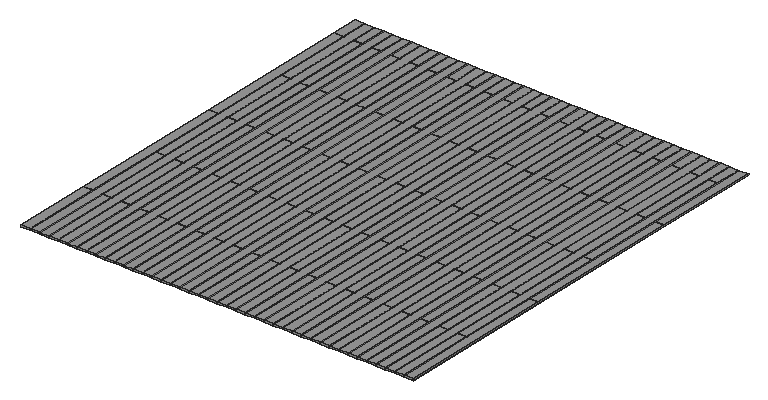
Revit family "3715-3, Veneer", category Generic Models, host Ceiling, Revit 2020
Family settings
  Host = Ceiling
  Can host rebar = No
  Round Connector Dimension = Use Diameter
  Part Type = Normal
  Always vertical = Yes
  Cut with Voids When Loaded = No
  Shared = No
  Room Calculation Point = No
Parameters
  OC SPACING [instance] = .. MEMBER WIDTH - 0' 0 27/64" - 0' 0 3/256"  # 0' - 4 75/256"
  PROJECT WIDTH [instance] = 15' - 0"
  PROJECT LENGTH [instance] = 16' - 0"
  PANELS COUNT 2 [instance] = rounddown((PROJECT LENGTH - .. MEMBER LENGTH 3) / .. MEMBER LENGTH 2)  # 2
  PANELS COUNT [instance] = rounddown(PROJECT LENGTH / .. MEMBER LENGTH 2)  # 2
  MEMBER WIDTH COUNT 2 [instance] = (PROJECT WIDTH / OC SPACING) / 2  # 21
  .. MEMBER WIDTH COUNT [instance] = (PROJECT WIDTH / OC SPACING) / 2  # 21
  .. MEMBER MATERIAL [instance] = Veneer Cherry
  .. MEMBER LENGTH 4 [instance] = ((PROJECT LENGTH - .. MEMBER LENGTH 3) - (PANELS COUNT 2 * .. MEMBER LENGTH 2))  # 1' - 0"
  .. MEMBER LENGTH 3 [instance] = .. MEMBER LENGTH 2 / 2  # 3' - 0"
  Default Elevation = 0' - 0"
  .. MEMBER WIDTH [instance] = 0' - 4 93/128"  # constant formula
  .. MEMBER LENGTH 2 [instance] = 6' - 0"
  .. MEMBER LENGTH [instance] = PROJECT LENGTH - (PANELS COUNT * .. MEMBER LENGTH 2)  # 4' - 0"
  .. MEMBER DEPTH [instance] = 0' - 0 3/4"  # constant formula
Reference planes (in)
  plane 1 "Center (Front/Back)": y = 0
  plane 2 "Ceiling": z = 96
  plane 3 "Center (Left/Right)": x = 0
  plane 4: y = 72
  plane 5: y = 144
  plane 6: y = 108
  plane 7: y = 36
  plane 8: y = 192
  plane 9: y = 144
  plane 10: y = 180
  plane 11: x = 180
  plane 12: x = 4.29297
Dimensions and locks (in)
  equal spacing: host sketch curve, plane 3 "Center (Left/Right)", host sketch curve
  equal spacing: host sketch curve, plane 1 "Center (Front/Back)", host sketch curve
  host sketch curve to host sketch curve = 10' - 0"  (x2)
  group 1 to group 2 = 0' - 0"  (x2)
  group 1 to group 2 = 6' - 0"
  ".. MEMBER LENGTH 2": plane 5 to plane 4
  ".. MEMBER LENGTH 2": plane 6 to plane 7
  "PROJECT LENGTH": plane 1 "Center (Front/Back)" to plane 8
  group 3 to group 4 = 0' - 0"  (x2)
  group 3 to group 4 = 6' - 0"
  ".. MEMBER LENGTH 3": plane 1 "Center (Front/Back)" to plane 7
  ".. MEMBER LENGTH 2": plane 1 "Center (Front/Back)" to plane 4
  ".. MEMBER LENGTH": plane 8 to plane 9
  ".. MEMBER LENGTH 4": plane 8 to plane 10
  "PROJECT WIDTH": plane 3 "Center (Left/Right)" to plane 11
  "OC SPACING": plane 3 "Center (Left/Right)" to plane 12
  aligned and locked: plane 1 "Center (Front/Back)" to nested 1
  aligned and locked: nested 2 to plane 4
  aligned and locked: nested 4 to plane 4
  aligned and locked: plane 7 to nested 3
  aligned and locked: nested 3 to plane 6
  aligned and locked: nested 6 to plane 6
  aligned and locked: nested 5 to plane 9
  aligned and locked: nested 7 to plane 10
  aligned and locked: plane 12 to nested 2
  aligned and locked: plane 12 to nested 4
  aligned and locked: plane 12 to nested 5
Nested families (in)
  nested 1: "3715-3 Staggereed" at (0, 0, 85.44644), .. MEMBER DEPTH <- ".. MEMBER DEPTH", .. MEMBER WIDTH <- ".. MEMBER WIDTH", MEMBER LENGTH <- ".. MEMBER LENGTH 3", REVEAL <- "OC SPACING", MEMBER 1 COUNT <- ".. MEMBER WIDTH COUNT", .. MEMBER MATERIAL <- ".. MEMBER MATERIAL", type "3715-3 Staggereed"
    with REVEAL X2 0' - 8 75/128", REVEAL 0' - 4 75/256", MEMBER LENGTH 2 1' - 6", MEMBER LENGTH 3' - 0", MEMBER COUNT 2 5, MEMBER 1 COUNT 21, INDENT 0' - 0 5/8", .. MEMBER WIDTH 0' - 4 93/128", .. MEMBER MATERIAL Veneer Cherry, .. MEMBER DEPTH 0' - 0 3/4"
  nested 2: "3715-3 Staggereed" at (4.29297, 0, 85.44644), .. MEMBER DEPTH <- ".. MEMBER DEPTH", .. MEMBER WIDTH <- ".. MEMBER WIDTH", MEMBER LENGTH <- ".. MEMBER LENGTH 2", MEMBER 1 COUNT <- "MEMBER WIDTH COUNT 2", REVEAL <- "OC SPACING", .. MEMBER MATERIAL <- ".. MEMBER MATERIAL", type "3715-3 Staggereed"
    with REVEAL X2 0' - 8 75/128", REVEAL 0' - 4 75/256", MEMBER LENGTH 2 3' - 0", MEMBER LENGTH 6' - 0", MEMBER COUNT 2 5, MEMBER 1 COUNT 21, INDENT 0' - 0 5/8", .. MEMBER WIDTH 0' - 4 93/128", .. MEMBER MATERIAL Veneer Cherry, .. MEMBER DEPTH 0' - 0 3/4"
  nested 3: "3715-3 Staggereed" at (0, 36, 85.44644), .. MEMBER DEPTH <- ".. MEMBER DEPTH", .. MEMBER WIDTH <- ".. MEMBER WIDTH", MEMBER LENGTH <- ".. MEMBER LENGTH 2", MEMBER 1 COUNT <- ".. MEMBER WIDTH COUNT", REVEAL <- "OC SPACING", .. MEMBER MATERIAL <- ".. MEMBER MATERIAL", type "3715-3 Staggereed"
    with REVEAL X2 0' - 8 75/128", REVEAL 0' - 4 75/256", MEMBER LENGTH 2 3' - 0", MEMBER LENGTH 6' - 0", MEMBER COUNT 2 5, MEMBER 1 COUNT 21, INDENT 0' - 0 5/8", .. MEMBER WIDTH 0' - 4 93/128", .. MEMBER MATERIAL Veneer Cherry, .. MEMBER DEPTH 0' - 0 3/4"
  nested 4: "3715-3 Staggereed" at (4.29297, 72, 85.44644), .. MEMBER DEPTH <- ".. MEMBER DEPTH", .. MEMBER WIDTH <- ".. MEMBER WIDTH", MEMBER LENGTH <- ".. MEMBER LENGTH 2", MEMBER 1 COUNT <- "MEMBER WIDTH COUNT 2", REVEAL <- "OC SPACING", .. MEMBER MATERIAL <- ".. MEMBER MATERIAL", type "3715-3 Staggereed"
    with REVEAL X2 0' - 8 75/128", REVEAL 0' - 4 75/256", MEMBER LENGTH 2 3' - 0", MEMBER LENGTH 6' - 0", MEMBER COUNT 2 5, MEMBER 1 COUNT 21, INDENT 0' - 0 5/8", .. MEMBER WIDTH 0' - 4 93/128", .. MEMBER MATERIAL Veneer Cherry, .. MEMBER DEPTH 0' - 0 3/4"
  nested 5: "3715-3 Staggereed" at (4.29297, 144, 85.44644), .. MEMBER DEPTH <- ".. MEMBER DEPTH", .. MEMBER WIDTH <- ".. MEMBER WIDTH", MEMBER LENGTH <- ".. MEMBER LENGTH", REVEAL <- "OC SPACING", MEMBER 1 COUNT <- "MEMBER WIDTH COUNT 2", .. MEMBER MATERIAL <- ".. MEMBER MATERIAL", type "3715-3 Staggereed"
    with REVEAL X2 0' - 8 75/128", REVEAL 0' - 4 75/256", MEMBER LENGTH 2 2' - 0", MEMBER LENGTH 4' - 0", MEMBER COUNT 2 5, MEMBER 1 COUNT 21, INDENT 0' - 0 5/8", .. MEMBER WIDTH 0' - 4 93/128", .. MEMBER MATERIAL Veneer Cherry, .. MEMBER DEPTH 0' - 0 3/4"
  nested 6: "3715-3 Staggereed" at (0, 108, 85.44644), .. MEMBER DEPTH <- ".. MEMBER DEPTH", .. MEMBER WIDTH <- ".. MEMBER WIDTH", MEMBER LENGTH <- ".. MEMBER LENGTH 2", MEMBER 1 COUNT <- ".. MEMBER WIDTH COUNT", REVEAL <- "OC SPACING", .. MEMBER MATERIAL <- ".. MEMBER MATERIAL", type "3715-3 Staggereed"
    with REVEAL X2 0' - 8 75/128", REVEAL 0' - 4 75/256", MEMBER LENGTH 2 3' - 0", MEMBER LENGTH 6' - 0", MEMBER COUNT 2 5, MEMBER 1 COUNT 21, INDENT 0' - 0 5/8", .. MEMBER WIDTH 0' - 4 93/128", .. MEMBER MATERIAL Veneer Cherry, .. MEMBER DEPTH 0' - 0 3/4"
  nested 7: "3715-3 Staggereed" at (0, 180, 85.44644), .. MEMBER DEPTH <- ".. MEMBER DEPTH", .. MEMBER WIDTH <- ".. MEMBER WIDTH", MEMBER LENGTH <- ".. MEMBER LENGTH 4", REVEAL <- "OC SPACING", MEMBER 1 COUNT <- ".. MEMBER WIDTH COUNT", .. MEMBER MATERIAL <- ".. MEMBER MATERIAL", type "3715-3 Staggereed"
    with REVEAL X2 0' - 8 75/128", REVEAL 0' - 4 75/256", MEMBER LENGTH 2 0' - 6", MEMBER LENGTH 1' - 0", MEMBER COUNT 2 5, MEMBER 1 COUNT 21, INDENT 0' - 0 5/8", .. MEMBER WIDTH 0' - 4 93/128", .. MEMBER MATERIAL Veneer Cherry, .. MEMBER DEPTH 0' - 0 3/4"
Definition of nested family "3715-3 Staggereed"
  Parameters (values of type "3715-3 Staggereed")
    REVEAL X2 [instance] = REVEAL * 2  # 0' - 9 37/64"
    REVEAL [instance] = 0' - 4 101/128"
    MEMBER LENGTH 2 [instance] = MEMBER LENGTH / 2  # 3' - 0"
    MEMBER LENGTH [instance] = 6' - 0"
    MEMBER COUNT 2 [instance] = 5
    MEMBER 1 COUNT [instance] = 5
    INDENT [instance] = 0' - 0 5/8"
    Default Elevation = 0' - 0"
    .. MEMBER WIDTH [instance] = 0' - 4 93/128"
    .. MEMBER MATERIAL [instance] = none
    .. MEMBER DEPTH [instance] = 0' - 0 3/4"
  Reference planes (in)
    plane 1 "Center (Front/Back)": y = 0
    plane 2: z = 0
    plane 3 "Center (Left/Right)": x = 0
    plane 4: x = 9.57813
    plane 5: x = 4.78906
    plane 6: x = 14.36719
  Dimensions and locks (in)
    "REVEAL X2": plane 3 "Center (Left/Right)" to plane 4
    "REVEAL": plane 3 "Center (Left/Right)" to plane 5
    "REVEAL X2": plane 5 to plane 6
    equal spacing: group 1, group 2, group 3, group 4, group 5  (x3)
    nested 1 to plane 5 = 0' - 0 1/16"
    aligned and locked: plane 2 to level
    aligned and locked: plane 1 "Center (Front/Back)" to nested 1
    aligned and locked: plane 3 "Center (Left/Right)" to nested 1
    aligned and locked: plane 4 to nested 2
  Nested families (in)
    nested 1: "3715-3 Isolated Member" at (-0.25432, 0, 0), MEMBER LENGTH <- "MEMBER LENGTH", MEMBER MATERIAL <- ".. MEMBER MATERIAL", MEMBER WIDTH <- ".. MEMBER WIDTH", MEMBER DEPTH <- ".. MEMBER DEPTH", INDENT <- "INDENT", type "3715-3 Isolated Member"
      with MEMBER WIDTH 0' - 4 93/128", MEMBER MATERIAL none, MEMBER LENGTH 6' - 0", MEMBER DEPTH 0' - 0 3/4", INDENT 0' - 0 5/8", EXTRUSION -6' - 0"
    nested 2: "3715-3 Isolated Member" at (9.32381, 0, 0), MEMBER LENGTH <- "MEMBER LENGTH", MEMBER MATERIAL <- ".. MEMBER MATERIAL", MEMBER WIDTH <- ".. MEMBER WIDTH", MEMBER DEPTH <- ".. MEMBER DEPTH", INDENT <- "INDENT", type "3715-3 Isolated Member"
      with MEMBER WIDTH 0' - 4 93/128", MEMBER MATERIAL none, MEMBER LENGTH 6' - 0", MEMBER DEPTH 0' - 0 3/4", INDENT 0' - 0 5/8", EXTRUSION -6' - 0"
    nested 3: "3715-3 Isolated Member" at (18.90193, 0, 0), MEMBER LENGTH <- "MEMBER LENGTH", MEMBER MATERIAL <- ".. MEMBER MATERIAL", MEMBER WIDTH <- ".. MEMBER WIDTH", MEMBER DEPTH <- ".. MEMBER DEPTH", INDENT <- "INDENT", type "3715-3 Isolated Member"
      with MEMBER WIDTH 0' - 4 93/128", MEMBER MATERIAL none, MEMBER LENGTH 6' - 0", MEMBER DEPTH 0' - 0 3/4", INDENT 0' - 0 5/8", EXTRUSION -6' - 0"
    nested 4: "3715-3 Isolated Member" at (28.48006, 0, 0), MEMBER LENGTH <- "MEMBER LENGTH", MEMBER MATERIAL <- ".. MEMBER MATERIAL", MEMBER WIDTH <- ".. MEMBER WIDTH", MEMBER DEPTH <- ".. MEMBER DEPTH", INDENT <- "INDENT", type "3715-3 Isolated Member"
      with MEMBER WIDTH 0' - 4 93/128", MEMBER MATERIAL none, MEMBER LENGTH 6' - 0", MEMBER DEPTH 0' - 0 3/4", INDENT 0' - 0 5/8", EXTRUSION -6' - 0"
    nested 5: "3715-3 Isolated Member" at (38.05818, 0, 0), MEMBER LENGTH <- "MEMBER LENGTH", MEMBER MATERIAL <- ".. MEMBER MATERIAL", MEMBER WIDTH <- ".. MEMBER WIDTH", MEMBER DEPTH <- ".. MEMBER DEPTH", INDENT <- "INDENT", type "3715-3 Isolated Member"
      with MEMBER WIDTH 0' - 4 93/128", MEMBER MATERIAL none, MEMBER LENGTH 6' - 0", MEMBER DEPTH 0' - 0 3/4", INDENT 0' - 0 5/8", EXTRUSION -6' - 0"
  Definition of nested family "3715-3 Isolated Member"
    Parameters (values of type "3715-3 Isolated Member")
      MEMBER WIDTH [instance] = 0' - 4 55/128"
      MEMBER MATERIAL [instance] = none
      MEMBER LENGTH [instance] = 2' - 6"
      MEMBER DEPTH [instance] = 0' - 0 3/4"
      Index 4 = 0' - 0 31/128"
      Index 3 = 0' - 0 13/64"
      Index 2 = 0' - 0.218"
      Index 1 = 0' - 0 1/4"
      INDENT [instance] = 0' - 0 5/8"
      EXTRUSION [instance] = -1 * MEMBER LENGTH  # -2' - 6"
      Default Elevation = 0' - 0"
    Reference planes (in)
      plane 1 "Center (Front/Back)": y = 0
      plane 2: z = 10.55356
      plane 3 "Center (Left/Right)": x = 0
      plane 4: y = 30
      plane 5: z = 10.55356
      plane 6: x = 0.25432
      plane 7: x = 4.68401
      plane 8: z = 9.80356
      plane 9: x = 4.44182
      plane 10: x = 0.50432
      plane 11: x = 0.72232
      plane 12: x = 4.23869
    Forms (in)
      Extrusion 1, void, not visible
        sketch origin (-0.375, 0, 0) x (1, 0, 0) y (0, 0, 1)
          loop
            line (4.125, 11.30356) -> (4.125, 11.17856) -> (4.0625, 11.11606) -> (3.75, 11.11606) -> (3.75, 10.92856) -> (4.25, 10.92856) -> (4.65478, 10.92856) -> (4.65478, 11.30356) -> (4.25, 11.30356) -> (4.125, 11.30356)
        from 0 to 30
      Extrusion 2, void, not visible
        sketch origin (4.5, 0, 0) x (-1, 0, 0) y (0, 0, 1)
          loop
            line (4.5, 11.30356) -> (4.25, 11.30356) -> (4.25, 11.17856) -> (4.1875, 11.11606) -> (3.875, 11.11606) -> (3.875, 10.92856) -> (4.78125, 10.92856) -> (4.78125, 11.30356) -> (4.5, 11.30356)
        from 0 to 30
      Extrusion 3, void, not visible
        sketch origin (0, 0, 0) x (1, 0, 0) y (0, 0, 1)
          loop
            line (2.53125, 10.55356) -> (2, 10.55356) -> (2, 10.42856) -> (1.9375, 10.36606) -> (1.625, 10.36606) -> (1.625, 10.17856) -> (2.53125, 10.17856) -> (2.53125, 10.55356)
        from 0 to 12
      Extrusion 4, solid, material <- "MEMBER MATERIAL"
        sketch origin (-5.34896, 0, 0) x (1, 0, 0) y (0, 0, 1)
          loop
            line (6.07128, 10.55356) -> (6.07128, 10.32556) -> (5.62351, 10.32556)
            arc (5.62351, 10.32556) -> (5.60842, 10.28741) -> (5.60328, 10.24671) r 0.16375
            line (5.60328, 10.24671) -> (5.60328, 10.21053)
            arc (5.60328, 10.21053) -> (5.60842, 10.16983) -> (5.62351, 10.13168) r 0.16375
            line (5.62351, 10.13168) -> (5.85328, 10.13168) -> (5.85328, 9.80356) -> (9.79078, 9.80356) -> (9.79078, 10.13168) -> (9.58765, 10.13168) -> (9.58765, 10.36606) -> (10.03297, 10.36606) -> (10.03297, 10.55356) -> (6.07128, 10.55356)
        from 0 to -30
      Extrusion 5, void, not visible
        sketch origin (0, 0, 0) x (1, 0, 0) y (0, 0, 1)
          loop
            line (8.60291, 10.17856) -> (8.60291, 9.99106) -> (8.54041, 9.92856) -> (9.17917, 9.92856) -> (9.17917, 10.55356) -> (8.56291, 10.55356) -> (8.56291, 10.38856) -> (8.80041, 10.38856)
            arc (8.80041, 10.38856) -> (8.8446, 10.37025) -> (8.86291, 10.32606) r 0.0625
            line (8.86291, 10.32606) -> (8.86291, 10.24106)
            arc (8.86291, 10.24106) -> (8.8446, 10.19686) -> (8.80041, 10.17856) r 0.0625
            line (8.80041, 10.17856) -> (8.60291, 10.17856)
        from 0 to -30
      Extrusion 6, void, not visible
        sketch origin (-0.54718, 0, 0) x (1, 0, 0) y (0, 0, 1)
          loop
            line (8.60291, 10.17856) -> (8.60291, 9.99106) -> (8.60291, 9.52296) -> (9.17917, 9.52296) -> (9.17917, 9.92856) -> (9.17917, 10.55356) -> (8.56291, 10.55356) -> (8.56291, 10.38856) -> (8.80041, 10.38856)
            arc (8.80041, 10.38856) -> (8.8446, 10.37025) -> (8.86291, 10.32606) r 0.0625
            line (8.86291, 10.32606) -> (8.86291, 10.24106)
            arc (8.86291, 10.24106) -> (8.8446, 10.19686) -> (8.80041, 10.17856) r 0.0625
            line (8.80041, 10.17856) -> (8.60291, 10.17856)
        from 0 to -30 <- "EXTRUSION"
      Extrusion 7, void, not visible
        sketch origin (-5.34896, -6, 0) x (1, 0, 0) y (0, 0, 1)
          loop
            line (5.92291, 10.42856) -> (5.60328, 10.42856) -> (5.60328, 10.55356) -> (5.34896, 10.55356) -> (5.34896, 9.92856) -> (5.34896, 9.52296) -> (5.60291, 9.52296) -> (5.60291, 9.99136) -> (5.60291, 10.17856) -> (5.92291, 10.17856) -> (5.92291, 10.42856)
        from 0 to -30 <- "EXTRUSION"
    Lines and regions (in)
      model lines, not visible
        curve 1: line (9.45582, 0, 10.55356) -> (14.70582, 0, 10.55356)
        curve 2: line (14.70582, 0, 10.55356) -> (14.70582, 0, 10.92856)
        curve 3: line (14.70582, 0, 10.92856) -> (14.20582, 0, 10.92856)
        curve 4: line (14.20582, 0, 10.92856) -> (14.20582, 0, 11.11606)
        curve 5: line (14.20582, 0, 11.11606) -> (14.51832, 0, 11.11606)
        curve 6: line (14.58082, 0, 11.30356) -> (14.58082, 0, 11.17856)
        curve 7: line (14.58082, 0, 11.17856) -> (14.51832, 0, 11.11606)
        curve 8: line (14.58082, 0, 11.30356) -> (9.58082, 0, 11.30356)
        curve 9: line (9.45582, 0, 10.55356) -> (9.45582, 0, 10.92856)
        curve 10: line (9.45582, 0, 10.92856) -> (9.95582, 0, 10.92856)
        curve 11: line (9.95582, 0, 10.92856) -> (9.95582, 0, 11.11606)
        curve 12: line (9.95582, 0, 11.11606) -> (9.64332, 0, 11.11606)
        curve 13: line (9.58082, 0, 11.30356) -> (9.58082, 0, 11.17856)
        curve 14: line (9.58082, 0, 11.17856) -> (9.64332, 0, 11.11606)
        curve 15: line (5.25, 0, 10.55356) -> (5.25, 0, 10.92856)
        curve 16: line (5.25, 0, 10.92856) -> (4.75, 0, 10.92856)
        curve 17: line (4.75, 0, 10.92856) -> (4.75, 0, 11.11606)
        curve 18: line (4.75, 0, 11.11606) -> (5.0625, 0, 11.11606)
        curve 19: line (5.125, 0, 11.30356) -> (5.125, 0, 11.17856)
        curve 20: line (5.125, 0, 11.17856) -> (5.0625, 0, 11.11606)
    Dimensions and locks (in)
      "MEMBER LENGTH": plane 1 "Center (Front/Back)" to plane 4
      "MEMBER WIDTH": plane 7 to plane 6
      level to plane 8 = 0' - 0 3/4"
      "Index 2": plane 11 to plane 10
      "Index 1": plane 10 to plane 6
      "Index 4": plane 7 to plane 9
      "Index 3": plane 12 to plane 9
      aligned and locked: level to plane 2
      aligned and locked: plane 4 to Extrusion 4
      aligned and locked: plane 7 to Extrusion 4  (x2)
      aligned and locked: plane 8 to Extrusion 4
      aligned and locked: Extrusion 4 to plane 8
      aligned and locked: Extrusion 4 to plane 5
      aligned and locked: Extrusion 4 to plane 6
      aligned and locked: plane 9 to Extrusion 4
      aligned and locked: Extrusion 4 to plane 10
      aligned and locked: Extrusion 4 to plane 11
      aligned and locked: Extrusion 4 to plane 12
    Automatic sketch dimensions
      Extrusion 1 sketch curve to Extrusion 1 sketch curve = 0' - 0 1/16"  (x2)
      Extrusion 1 sketch curve to Extrusion 1 sketch curve = 0' - 0.40478"
      Extrusion 1 sketch curve to Extrusion 1 sketch curve = 0' - 0 3/16"  (x2)
      Extrusion 1 sketch curve to Extrusion 1 sketch curve = 0' - 0 1/8"  (x2)
      Extrusion 1 sketch curve to Extrusion 1 sketch curve = 0' - 0 5/16"
      Extrusion 2 sketch curve to Extrusion 2 sketch curve = 0' - 0 3/16"  (x2)
      Extrusion 2 sketch curve to Extrusion 2 sketch curve = 0' - 0 1/16"  (x2)
      Extrusion 2 sketch curve to Extrusion 2 sketch curve = 0' - 0 9/32"
      Extrusion 2 sketch curve to Extrusion 2 sketch curve = 0' - 0 1/4"
      Extrusion 2 sketch curve to Extrusion 2 sketch curve = 0' - 0 5/16"
      Extrusion 3 sketch curve to Extrusion 3 sketch curve = 0' - 0 5/16"
      Extrusion 3 sketch curve to Extrusion 3 sketch curve = 0' - 0 1/16"  (x2)
      Extrusion 3 sketch curve to Extrusion 3 sketch curve = 0' - 0 3/16"
      Extrusion 3 sketch curve to Extrusion 3 sketch curve = 0' - 0 17/32"
      Extrusion 3 sketch curve to Extrusion 3 sketch curve = 0' - 0 3/8"
      Extrusion 5 sketch curve to Extrusion 5 sketch curve = 0' - 0 1/16"  (x4)
      Extrusion 5 sketch curve to Extrusion 5 sketch curve = 0' - 0.1975"
      Extrusion 5 sketch curve to Extrusion 5 sketch curve = 0' - 0.2375"
      Extrusion 5 sketch curve to Extrusion 5 sketch curve = 0' - 0.085"
      Extrusion 5 sketch curve to Extrusion 5 sketch curve = 0' - 0 3/16"
      Extrusion 5 sketch curve to Extrusion 5 sketch curve = 0' - 0.31626"
      Extrusion 5 sketch curve to Extrusion 5 sketch curve = 0' - 0.2275"
      Extrusion 6 sketch curve to Extrusion 6 sketch curve = 0' - 0.04"
      Extrusion 6 sketch curve to Extrusion 6 sketch curve = 0' - 0.2375"
      Extrusion 6 sketch curve to Extrusion 6 sketch curve = 0' - 0"
      Extrusion 6 sketch curve to Extrusion 6 sketch curve = 0' - 0 1/16"
      Extrusion 6 sketch curve to Extrusion 6 sketch curve = 0' - 0.31626"
      Extrusion 6 sketch curve to Extrusion 6 sketch curve = 0' - 0.4681"
      Extrusion 6 sketch curve to Extrusion 6 sketch curve = 0' - 0 3/16"
      Extrusion 6 sketch curve to Extrusion 6 sketch curve = 0' - 0.085"
      Extrusion 6 sketch curve to Extrusion 6 sketch curve = 0' - 0.2275"
      Extrusion 6 sketch curve to Extrusion 6 sketch curve = 0' - 0.4056"
      Extrusion 7 sketch curve to Extrusion 7 sketch curve = 0' - 0.25395"
      Extrusion 7 sketch curve to Extrusion 7 sketch curve = 0' - 0.25432"
      Extrusion 7 sketch curve to Extrusion 7 sketch curve = 0' - 0.32"
      Extrusion 7 sketch curve to Extrusion 7 sketch curve = 0' - 0.4056"
      Extrusion 7 sketch curve to Extrusion 7 sketch curve = 0' - 0.06281"
      Extrusion 7 sketch curve to Extrusion 7 sketch curve = 0' - 0.18719"
      Extrusion 7 sketch curve to Extrusion 7 sketch curve = 0' - 0 1/4"
      Extrusion 7 sketch curve to Extrusion 7 sketch curve = 0' - 0 1/8"
      Extrusion 4 sketch curve to plane 6 = 0' - 0"
      Extrusion 4 sketch curve to plane 8 = 0' - 0"
      Extrusion 4 sketch curve to level = 0' - 0"
      Extrusion 4 sketch curve to plane 7 = 0' - 0"
      plane 6 to Extrusion 4 sketch curve = 0' - 0.02023"  (x2)
      Extrusion 4 sketch curve to Extrusion 4 sketch curve = 0' - 0.16375"
      Extrusion 4 sketch curve to Extrusion 4 sketch curve = 0' - 0"
      Extrusion 4 sketch curve to Extrusion 4 sketch curve = 0' - 0.08625"
      Extrusion 4 sketch curve to Extrusion 4 sketch curve = 0' - 0.30425"
      Extrusion 4 sketch curve to plane 7 = 0' - 0 57/128"
      Extrusion 4 sketch curve to Extrusion 4 sketch curve = 0' - 0 13/64"
      plane 8 to Extrusion 4 sketch curve = 0' - 0 21/64"  (x2)
      Extrusion 4 sketch curve to Extrusion 4 sketch curve = 0' - 0.03618"
      Extrusion 4 sketch curve to Extrusion 4 sketch curve = 0' - 0 3/16"
